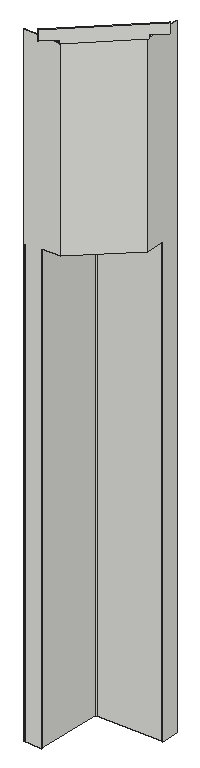
Revit family "Desk_Accessories-Teknion-RAPC_Corner_Post_Cover-R2019", category Furniture, Revit 2019
Family settings
  OmniClass Number = 23.40.20.00
  OmniClass Title = General Furniture and Specialties
  Work Plane-Based = No
  Always vertical = Yes
  Cut with Voids When Loaded = No
  Shared = Yes
  Room Calculation Point = No
Parameters (values of type "29" Height")
  Warranty = "http://www.teknion.com/ca/papers/legal-canada"
  Unit Weight URL = "http://www.teknion.com/ca/tools/assets#&asset=bee6a381-b954-425e-8283-5a2de3a804f2,f828d448-4b62-4231-9e5f-9a8991c0ed77"
  URL = "www.teknion.com"
  To render please download texture images found here [instance] = "https://assets.teknion.com/web/5e81352c1dfdb467/revit-material-swatches/"
  Sustainability Data = "https://www.teknion.com/ca/tools/assets#&topic=216f99a5-57a0-44fc-b10a-9dee9b29ae4c&asset=444deb64-fe58-4b68-981e-f75e97781df7,b4ff2d81-9f2e-437d-9659-7cffb09c31cf"
  Series = "Expansion Desking"  # constant formula
  Product Page URL = "https://www.teknion.com/ca/products/product-details?productLineId=2b4e336e-8e7a-673b-a6c8-ff00004460c4"
  Product Line = "Expansion Desking"  # constant formula
  Product Documentation Link = "https://www.teknion.com/pricing/expansion-desking/pdfs/RAPC_ppg.pdf"
  Part Number = "RAPC"  # constant formula
  Model = "RAPC29"
  Manufacturer Phone = "416-661-3370"  # constant formula
  Manufacturer Fax = "416.661.4586"  # constant formula
  Manufacturer Contact Information = "http://www.teknion.com/ca/contactus"
  Manufacturer Address = "1150 Flint Road, Toronto, ON. M3J 2J5. Canada"  # constant formula
  Manufacturer = "Teknion"  # constant formula
  How To Use Teknion Materials User Guide [instance] = "https://assets.teknion.com/m/205dd0a49fa58060/original/How-to-add-a-Material-Library-and-Texture-Images-to-your-Revit-project.pdf"
  For Additional Finishes please visit [instance] = "https://assets.teknion.com/m/44a8009b046e5d47/original/Teknion_Materials_Library.zip"
  Finish [instance] = Paint-Teknion-20-T-Foundation-Atrium White
  Description = "Corner Post Cover, 29\" Height"
  Assembly Code = "E2020200"
Reference planes (in)
  plane 1 "Center Front/Back": y = -1.35712
  plane 2: z = 0
  plane 3 "Center Left/Right": x = 1.04258
  plane 4 "Left": x = -0.79269
  plane 5 "Right": x = 2.87785
  plane 6 "Back": y = 0.47815
  plane 7 "Front": y = -3.19239
  plane 8 "Top": z = 25.08268
  plane 9: y = 1.63515
  plane 10: x = -1.94969
Forms (in)
  Sweep 1, solid, material "Paint-Teknion-20-T-Foundation-Atrium White" <- "Finish"
    path origin (1.04258, 0, 0) x (0, 1, 0) y (0, 0, 1)
      loop
        line (-1.35712, 0.60236) -> (-1.35712, 17.41339)
    profile origin (1.04258, -1.35712, 9.00787) x (0, -1, 0) y (1, 0, 0)
      loop
        line (-1.69496, -1.83527) -> (1.33701, -1.83527) -> (1.33701, -1.79937) -> (-1.69496, -1.79937) -> (-1.69496, -1.83527)
      loop
        line (-1.79937, -1.69496) -> (-1.79937, 1.33701) -> (-1.83527, 1.33701) -> (-1.83527, -1.69496) -> (-1.79937, -1.69496)
      loop
        arc (-1.12621, -1.16598) -> (-1.15433, -1.15433) -> (-1.16598, -1.12621) r 0.03977
        line (-1.16598, -1.12621) -> (-1.16598, 1.33701) -> (-1.20189, 1.33701) -> (-1.20189, -1.12606)
        arc (-1.20189, -1.12606) -> (-1.17968, -1.17968) -> (-1.12606, -1.20189) r 0.07582
        line (-1.12606, -1.20189) -> (1.33701, -1.20189) -> (1.33701, -1.16598) -> (-1.12621, -1.16598)
  Sweep 2, solid, material "Paint-Teknion-20-T-Foundation-Atrium White" <- "Finish"
    path origin (0, -1.35712, 0) x (1, 0, 0) y (0, 0, 1)
      loop
        line (1.04258, 24.57087) -> (1.04258, 0.60236)
    profile origin (1.04258, -1.35712, 12.58661) x (0, -1, 0) y (1, 0, 0)
      loop
        line (1.37291, -0.44149) -> (-0.44149, 1.37291) -> (-1.83527, 1.37291) -> (-1.83527, 1.33701) -> (-0.45636, 1.33701) -> (1.33701, -0.45636) -> (1.33701, -1.83527) -> (1.37291, -1.83527) -> (1.37291, -0.44149)
  Sweep 3, solid, material "Paint-Teknion-20-T-Foundation-Atrium White" <- "Finish"
    path origin (0, 0, 0) x (1, 0, 0) y (0, 1, 0)
      loop
        line (1.4829, -1.79744) -> (1.50829, -1.82283)
    profile origin (1.4956, -1.81014, 0) x (0.707107, 0.707107, 0) y (0, 0, 1)
      loop
        line (1.93685, 24.68898) -> (1.93685, 25.08268) -> (-1.93685, 25.08268) -> (-1.93685, 24.68898) -> (-1.31888, 24.68898) -> (-1.31888, 24.57087) -> (1.31888, 24.57087) -> (1.31888, 24.68898) -> (1.93685, 24.68898)
  Sweep 4, void
    path origin (0, -1.35712, 0) x (1, 0, 0) y (0, 0, 1)
      loop
        line (1.04258, 17.41339) -> (1.04258, 0.60236)
    profile origin (1.04258, -1.35712, 9.00787) x (0, -1, 0) y (1, 0, 0)
      loop
        line (1.37291, -0.44149) -> (-0.44149, 1.37291) -> (-1.16377, 1.37291) -> (-1.16598, 1.33701) -> (-1.16598, -1.16598) -> (1.33701, -1.16598) -> (1.37291, -1.16377) -> (1.37291, -0.44149)
Cuts and joins
  Sweep 4 cuts Sweep 2
Lines and regions (in)
  Masking region 1
    outline origin (0, 0, 0) x (1, 0, 0) y (0, 1, 0)
      loop
        line (-0.75679, 0.33784) -> (-0.79269, 0.33784) -> (-0.79269, -2.69413) -> (-0.75679, -2.69413) -> (-0.75679, 0.33784)
      loop
        line (-0.65238, 0.47815) -> (-0.65238, 0.44225) -> (2.37959, 0.44225) -> (2.37959, 0.47815) -> (-0.65238, 0.47815)
      loop
        line (-0.15931, -0.23106) -> (-0.15931, -2.69413) -> (-0.1234, -2.69413) -> (-0.1234, -0.23091)
        arc (-0.1234, -0.23091) -> (-0.11175, -0.20279) -> (-0.08363, -0.19114) r 0.03977
        line (-0.08363, -0.19114) -> (2.37959, -0.19114) -> (2.37959, -0.15523) -> (-0.08348, -0.15523)
        arc (-0.08348, -0.15523) -> (-0.1371, -0.17744) -> (-0.15931, -0.23106) r 0.07582
  Masking region 2
    outline origin (0, 0, 0) x (1, 0, 0) y (0, 1, 0)
      loop
        line (-0.79269, -2.73003) -> (0.55031, -2.73003) -> (0.58622, -2.69413) -> (-0.79269, -2.69413) -> (-0.79269, -2.73003)
      loop
        line (2.41549, -0.86485) -> (2.41549, 0.47815) -> (2.37959, 0.47815) -> (2.37959, -0.90076) -> (2.41549, -0.86485)
  Masking region 3
    outline origin (0, 0, 0) x (1, 0, 0) y (0, 1, 0)
      loop
        line (0.13873, -3.19239) -> (2.87785, -0.45327) -> (2.85246, -0.42788) -> (0.11334, -3.167) -> (0.13873, -3.19239)
Dimensions and locks (in)
  locked: plane 4 "Left" to plane 5 "Right" at 3.67054
  equal spacing: plane 6 "Back", plane 1 "Center Front/Back", plane 7 "Front"
  plane 8 "Top" to level = 25.08268"
  equal spacing: plane 4 "Left", plane 3 "Center Left/Right", plane 5 "Right"
  locked: plane 7 "Front" to plane 6 "Back" at 3.67054
  Sweep 4 sketch curve to Sweep 4 sketch curve to level = 16.81102" locked, 0.60236" locked
  locked: plane 8 "Top" to Sweep 2 sketch curve at 0.51181
  locked: Sweep 2 sketch curve to level at 0.60236
  plane 8 "Top" to Sweep 3 sketch curve to Sweep 3 sketch curve to Sweep 3 sketch curve = 0.3937" locked, 0.000" locked, 0.11811" locked
  locked: Sweep 3 sketch curve to plane 5 "Right" at 0.01269
  Sweep 3 sketch curve to Sweep 3 sketch curve to plane 4 "Left" = 0.43697" locked, 0.91873" locked
  locked: plane 8 "Top" to Sweep 1 sketch curve at 7.66929
  locked: Sweep 1 sketch curve to level at 0.60236
  locked: plane 6 "Back" to plane 9 at 1.157
  locked: plane 10 to plane 4 "Left" at 1.157
  aligned and locked: level to plane 2
  aligned and locked: Sweep 2 sketch curve to plane 3 "Center Left/Right"
  aligned and locked: plane 8 "Top" to Sweep 3 sketch curve
  aligned and locked: nested 1 to plane 9
  aligned and locked: plane 10 to nested 1
  aligned and locked: Masking region 1 sketch curve to Sweep 1  (x13)
  aligned and locked: Masking region 1 sketch curve to plane 4 "Left"
  aligned and locked: Masking region 2 sketch curve to cut or joined group of Sweep 2, Sweep 4  (x5)
  aligned and locked: Sweep 3 to Masking region 2 sketch curve  (x2)
  aligned and locked: cut or joined group of Sweep 2, Sweep 4 to Masking region 2 sketch curve
  aligned and locked: Masking region 3 sketch curve to Sweep 3  (x4)
Automatic sketch dimensions
  Sweep 1 sketch curve to plane 1 "Center Front/Back" = 0.000"
  profile plane to Sweep 1 sketch curve = 1.83527"
  Sweep 1 sketch curve to Sweep 1 sketch curve = 0.03591"  (x4)
  Sweep 1 sketch curve to Sweep 1 sketch curve = 0.10441"  (x2)
  Sweep 1 sketch curve to Sweep 1 sketch curve = 0.59748"  (x2)
  Sweep 1 sketch curve to Sweep 1 sketch curve = 0.03977"
  Sweep 1 sketch curve to Sweep 1 sketch curve = 0.00015"
  Sweep 1 sketch curve to profile plane = 1.33701"
  Sweep 1 sketch curve to plane 3 "Center Left/Right" = 1.83527"
  plane 3 "Center Left/Right" to Sweep 1 sketch curve = 1.33701"
  Sweep 1 sketch curve to Sweep 1 sketch curve = 0.000"  (x2)
  Sweep 2 sketch curve to plane 1 "Center Front/Back" = 0.45636"
  Sweep 2 sketch curve to Sweep 2 sketch curve = 0.01487"  (x2)
  plane 1 "Center Front/Back" to Sweep 2 sketch curve = 1.33701"
  profile plane to Sweep 2 sketch curve = 0.44149"
  Sweep 2 sketch curve to Sweep 2 sketch curve = 0.03591"  (x2)
  Sweep 2 sketch curve to Sweep 2 sketch curve = 1.37891"  (x2)
  Sweep 2 sketch curve to profile plane = 1.33701"
  plane 3 "Center Left/Right" to Sweep 3 sketch curve = 0.44032"
  plane 1 "Center Front/Back" to Sweep 3 sketch curve = 0.46571"
  Sweep 3 sketch curve to Sweep 3 sketch curve = 0.02539"  (x2)
  Sweep 3 sketch curve to profile plane = 1.93685"
  profile plane to Sweep 3 sketch curve = 1.93685"
  Sweep 3 sketch curve to Sweep 3 sketch curve = 0.61797"  (x2)
  Sweep 4 sketch curve to plane 1 "Center Front/Back" = 1.16377"
  profile plane to Sweep 4 sketch curve = 0.44149"
  Sweep 4 sketch curve to Sweep 4 sketch curve = 0.00221"  (x2)
  Sweep 4 sketch curve to plane 1 "Center Front/Back" = 0.44149"
  Sweep 4 sketch curve to Sweep 4 sketch curve = 0.03591"  (x2)
  plane 1 "Center Front/Back" to Sweep 4 sketch curve = 1.33701"
  Sweep 4 sketch curve to Sweep 4 sketch curve = 0.72228"
  Sweep 4 sketch curve to profile plane = 1.33701"
  Sweep 4 sketch curve to plane 3 "Center Left/Right" = 0.000"
Nested families (in)
  nested 1: "Teknion_2D_Node_Family-R2016" at (-1.94969, 1.63515, 0), type "Teknion_2D_Node_Family-R2016"
Definition of nested family "Teknion_2D_Node_Family-R2016"
  Reference planes (in)
    plane 1 "Center (Front/Back)": y = 0
    plane 2: z = 0
    plane 3 "Center (Left/Right)": x = 0
  Lines and regions (in)
    detail lines, in view "Ref. Level"
      curve 1: circle (0, 0, 0) r 1.25 normal (0, 0, 1)
      curve 2: line (1.91508, -1.91508, 0) -> (-1.91508, 1.91508, 0)
      curve 3: line (-1.91508, -1.91508, 0) -> (1.91508, 1.91508, 0)
